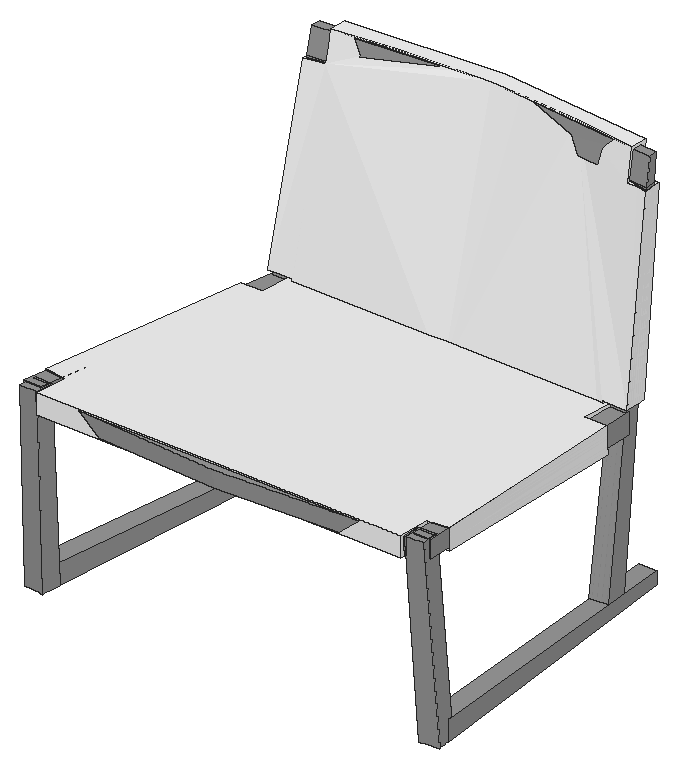
Revit family "Andreu World Serena Teak BU-1192", category Mobiliario, Revit 2014
Parameters (values of type "BU-1192")
  Width = 790 mm
  Upholstery = Indoor Sand Woven Band
  URL = "https://www.andreuworld.com/workspaces"
  Structure Finish = Andreu World Wood Finish
  Reference = "BU-1192"  # constant formula
  Modelo = "Serena Teak"  # constant formula
  Height = 725 mm
  Fabricante = "Andreu World"  # constant formula
  Descripción = "Lounge chair with webbing seat and backrest and solid teak wood frame"  # constant formula
  Depth = 685 mm
Reference planes
  plane 1 "Centro (Frontal/Posterior)": y = 0
  plane 2: z = 0
  plane 3 "Centro (Izquierda/Derecha)": x = 0
  plane 4: y = 342.5
  plane 5: x = 395
  plane 6: y = -342.5
  plane 7: x = -395
  plane 8: z = 725
Forms (mm)
  Blend 1, solid, material "Andreu World Wood Finish" <- "Structure Finish", detail levels medium+fine
    base sketch origin (0, 0, 0) x (1, 0, 0) y (0, 0, 1)
      loop
        line (-338.254, 23.7) -> (-338.254, 0) -> (-303.149, 0) -> (-303.149, 23.7) -> (-338.254, 23.7)
    top sketch origin (0, 0, 0) x (1, 0, 0) y (0, 0, 1)
      loop
        line (-395, 0) -> (-357.85, 0) -> (-357.85, 38.763) -> (-395, 38.763) -> (-395, 0)
    from -294.797 to 271.689
  Blend 2, solid, material "Andreu World Wood Finish" <- "Structure Finish", detail levels medium+fine
    base sketch origin (0, 0, 0) x (-1, 0, 0) y (0, 0, -1)
      loop
        line (-338.254, -23.7) -> (-303.149, -23.7) -> (-303.149, 0) -> (-338.254, 0) -> (-338.254, -23.7)
    top sketch origin (0, 0, 0) x (-1, 0, 0) y (0, 0, -1)
      loop
        line (-395, 0) -> (-395, -38.763) -> (-357.85, -38.763) -> (-357.85, 0) -> (-395, 0)
    from -294.797 to 271.689
  Blend 3, solid, material "Andreu World Wood Finish" <- "Structure Finish", detail levels medium+fine
    base sketch origin (0, 0, 0) x (1, 0, 0) y (0, 0, 1)
      loop
        line (-305.66, 286.665) -> (-305.66, 325.534) -> (-338.749, 325.534) -> (-338.749, 286.665) -> (-305.66, 286.665)
    top sketch origin (0, 0, 0) x (1, 0, 0) y (0, 0, 1)
      loop
        line (-389.004, 359.44) -> (-389.004, 327.549) -> (-355.453, 327.549) -> (-355.453, 359.44) -> (-389.004, 359.44)
    from -225.829 to 307.058
  Blend 4, solid, material "Andreu World Wood Finish" <- "Structure Finish", detail levels medium+fine
    base sketch origin (0, 0, 0) x (-1, 0, 0) y (0, 0, -1)
      loop
        line (-305.66, -286.665) -> (-338.749, -286.665) -> (-338.749, -325.534) -> (-305.66, -325.534) -> (-305.66, -286.665)
    top sketch origin (0, 0, 0) x (-1, 0, 0) y (0, 0, -1)
      loop
        line (-389.004, -359.44) -> (-355.453, -359.44) -> (-355.453, -327.549) -> (-389.004, -327.549) -> (-389.004, -359.44)
    from -225.829 to 307.058
  Blend 5, solid, material "Andreu World Wood Finish" <- "Structure Finish", detail levels medium+fine
    base sketch origin (0, 0, 0) x (1, 0, 0) y (0, 1, 0)
      loop
        line (-395, -295.442) -> (-358.014, -298.898) -> (-354.591, -262.259) -> (-391.577, -258.804) -> (-395, -295.442)
    top sketch origin (0, 0, 0) x (1, 0, 0) y (0, 1, 0)
      loop
        line (-384.977, -319.957) -> (-351.105, -323.097) -> (-347.971, -289.292) -> (-381.843, -286.152) -> (-384.977, -319.957)
    from 0 to 358.418
  Blend 6, solid, material "Andreu World Wood Finish" <- "Structure Finish", detail levels medium+fine
    base sketch origin (0, 0, 0) x (-1, 0, 0) y (0, -1, 0)
      loop
        line (-395, 295.442) -> (-391.577, 258.804) -> (-354.591, 262.259) -> (-358.014, 298.898) -> (-395, 295.442)
    top sketch origin (0, 0, 0) x (-1, 0, 0) y (0, -1, 0)
      loop
        line (-384.977, 319.957) -> (-381.843, 286.152) -> (-347.971, 289.292) -> (-351.105, 323.097) -> (-384.977, 319.957)
    from 0 to 358.418
  Blend 7, solid, material "Andreu World Wood Finish" <- "Structure Finish", detail levels medium+fine
    base sketch origin (0, 0, 0) x (1, 0, 0) y (0, 1, 0)
      loop
        line (-345.117, 205.634) -> (-349.298, 165.854) -> (-314.368, 162.183) -> (-310.524, 201.998) -> (-345.117, 205.634)
    top sketch origin (0, 0, 0) x (1, 0, 0) y (0, 1, 0)
      loop
        line (-321.801, 307.664) -> (-323.544, 287.741) -> (-291.019, 293.476) -> (-289.276, 313.4) -> (-321.801, 307.664)
    from 25.796 to 676.606
  Blend 8, solid, material "Andreu World Wood Finish" <- "Structure Finish", detail levels medium+fine
    base sketch origin (0, 0, 0) x (-1, 0, 0) y (0, -1, 0)
      loop
        line (-345.117, -205.634) -> (-310.524, -201.998) -> (-314.368, -162.183) -> (-349.298, -165.854) -> (-345.117, -205.634)
    top sketch origin (0, 0, 0) x (-1, 0, 0) y (0, -1, 0)
      loop
        line (-321.801, -307.664) -> (-289.276, -313.4) -> (-291.019, -293.476) -> (-323.544, -287.741) -> (-321.801, -307.664)
    from 25.796 to 676.606
  Blend 9, solid, material "Andreu World Wood Finish" <- "Structure Finish", detail levels medium+fine
    base sketch origin (0, 0, 0) x (1, 0, 0) y (0, 1, 0)
      loop
        line (-321.801, 307.664) -> (-323.544, 287.741)
        arc (-323.544, 287.741) -> (0, 317.266) -> (323.544, 287.741) r 1787.473
        line (323.544, 287.741) -> (321.801, 307.664)
        arc (321.801, 307.664) -> (0, 342.5) -> (-321.801, 307.664) r 1503.771
    top sketch origin (0, 0, 0) x (1, 0, 0) y (0, 1, 0)
      loop
        line (-320.331, 313.73) -> (-321.826, 296.643)
        arc (-321.826, 296.643) -> (0, 325.273) -> (321.826, 296.643) r 1823.133
        line (321.826, 296.643) -> (320.331, 313.73)
        arc (320.331, 313.73) -> (0, 342.5) -> (-320.331, 313.73) r 1797.712
    from 676.606 to 725
  Blend 10, solid, material "Andreu World Wood Finish" <- "Structure Finish", detail levels medium+fine
    base sketch origin (0, 0, 0) x (1, 0, 0) y (0, 1, 0)
      loop
        line (-312.703, 169.64) -> (311.456, 169.64) -> (311.456, 208.767) -> (-312.703, 208.767) -> (-312.703, 169.64)
    top sketch origin (0, 0, 0) x (1, 0, 0) y (0, 1, 0)
      loop
        line (-312.703, 213.711) -> (-312.703, 174.987) -> (312.091, 174.987) -> (312.091, 213.711) -> (-312.703, 213.711)
    from 291.568 to 319.193
  Blend 11, solid, material "Andreu World Wood Finish" <- "Structure Finish", detail levels medium+fine
    base sketch origin (0, 0, 0) x (1, 0, 0) y (0, 1, 0)
      loop
        line (-349.292, -286.845) -> (-351.73, -320.906)
        arc (-351.73, -320.906) -> (0, -340.337) -> (351.73, -320.906) r 3193.124
        line (351.73, -320.906) -> (349.292, -286.845) -> (-349.292, -286.845)
    top sketch origin (0, 0, 0) x (1, 0, 0) y (0, 1, 0)
      loop
        line (-349.292, -289.269) -> (-352.163, -322.979)
        arc (-352.163, -322.979) -> (0, -342.5) -> (352.163, -322.979) r 3186.332
        line (352.163, -322.979) -> (349.292, -289.269) -> (-349.292, -289.269)
    from 325.534 to 358.418
  Blend 12, solid, material "Indoor Sand Woven Band" <- "Upholstery", detail levels medium+fine
    base sketch origin (0, 0, 0) x (1, 0, 0) y (0, 1, 0)
      loop
        line (-345, 249.888) -> (-345, 207.304) -> (345, 207.304) -> (345, 249.888) -> (-345, 249.888)
    top sketch origin (0, 0, 0) x (1, 0, 0) y (0, 1, 0)
      loop
        line (-320.978, 326.122) -> (-323.885, 292.9)
        arc (-323.885, 292.9) -> (0, 321.13) -> (323.885, 292.9) r 1872.058
        line (323.885, 292.9) -> (321.042, 325.393)
        arc (321.042, 325.393) -> (0.065, 354.902) -> (-320.978, 326.122) r 1782.484
    from 284.456 to 728.349
  Extrusion 13, void
    sketch origin (0, 0, 0) x (1, 0, 0) y (0, 0, 1)
      loop
        line (-337.385, 737.982) -> (-337.385, 672.982) -> (-287.385, 672.982) -> (-287.385, 737.982) -> (-337.385, 737.982)
      loop
        line (337.385, 737.982) -> (287.385, 737.982) -> (287.385, 672.982) -> (337.385, 672.982) -> (337.385, 737.982)
      loop
        line (-297.065, 333.76) -> (-357.065, 333.76) -> (-357.065, 273.76) -> (-297.065, 273.76) -> (-297.065, 333.76)
      loop
        line (297.065, 333.76) -> (297.065, 273.76) -> (357.065, 273.76) -> (357.065, 333.76) -> (297.065, 333.76)
    from -357.51 to -174.987
  Blend 14, solid, material "Indoor Sand Woven Band" <- "Upholstery", detail levels medium+fine
    base sketch origin (0, 0, 0) x (1, 0, 0) y (0, 0, 1)
      loop
        line (-342.385, 330.428) -> (-344.98, 280.428) -> (344.98, 280.428) -> (342.385, 330.428) -> (-342.385, 330.428)
    top sketch origin (0, 0, 0) x (1, 0, 0) y (0, 0, 1)
      loop
        line (-393.636, 361.936) -> (-393.636, 324.44) -> (392.729, 324.44) -> (392.729, 361.936) -> (-393.636, 361.936)
    from -225.829 to 346.173
  Extrusion 15, void
    sketch origin (0, 0, 0) x (1, 0, 0) y (0, 1, 0)
      loop
        line (-395, -257.5) -> (-405.453, -356.952) -> (405.453, -356.952) -> (395, -257.5) -> (345.274, -262.726) -> (347.542, -327.687)
        arc (347.542, -327.687) -> (0, -345.778) -> (-347.542, -327.687) r 3347.373
        line (-347.542, -327.687) -> (-345.274, -262.726) -> (-395, -257.5)
      loop
        line (-363.575, 243.279) -> (-363.575, 161.398) -> (-306.179, 161.398) -> (-306.179, 243.279) -> (-363.575, 243.279)
      loop
        line (363.575, 229.375) -> (306.179, 229.375) -> (306.179, 161.398) -> (363.575, 161.398) -> (363.575, 229.375)
    from 271.815 to 372.072
Cuts and joins
  Extrusion 13 cuts Blend 12
  Extrusion 15 cuts Blend 14
Lines and regions (mm)
  model lines, detail levels coarse+medium
    curve 1: line (-384.977, -319.957, 0) -> (-395, -295.442, 0)
    curve 2: line (-395, -295.442, 0) -> (-338.254, 294.797, 0)
    curve 3: line (-338.254, 294.797, 0) -> (-330.849, 294.797, 0)
    curve 4: line (-320.331, 313.73, 0) -> (-343.2, 243.347, 0)
    curve 5: line (-321.826, 296.643, 0) -> (-350.825, 164.039, 0)
    curve 6: line (384.977, -319.957, 0) -> (395, -295.442, 0)
    curve 7: line (395, -295.442, 0) -> (338.254, 294.797, 0)
    curve 8: line (338.254, 294.797, 0) -> (330.849, 294.797, 0)
    curve 9: line (320.331, 313.73, 0) -> (343.2, 243.347, 0)
    curve 10: line (321.826, 296.643, 0) -> (350.825, 164.039, 0)
    curve 11: arc (-320.331, 313.73, 0) -> (0, 342.5, 0) -> (320.331, 313.73, 0) r 1797.712
    curve 12: arc (-321.826, 296.643, 0) -> (0, 321.13, 0) -> (321.826, 296.643, 0) r 2127.064
    curve 13: arc (-342.655, 216.811, 0) -> (0, 230.458, 0) -> (342.655, 216.811, 0) r 4308.593
    curve 14: line (-320.331, 313.73, 0) -> (-321.826, 296.643, 0)
    curve 15: line (321.826, 296.643, 0) -> (320.331, 313.73, 0)
    curve 16: arc (-384.977, -319.957, 0) -> (0, -342.5, 0) -> (384.977, -319.957, 0) r 3298.425
Dimensions and locks
  equal spacing: plane 7, plane 3 "Centro (Izquierda/Derecha)", plane 5
  "Width": plane 7 to plane 5
  equal spacing: plane 4, plane 1 "Centro (Frontal/Posterior)", plane 6
  "Depth": plane 4 to plane 6
  "Height": plane 8 to level
  aligned and locked: level to plane 2
Automatic sketch dimensions
  Blend 1 sketch curve to level = 0 mm  (x2)
  plane 7 to Blend 1 sketch curve = 56.746 mm
  Blend 1 sketch curve to Blend 1 sketch curve = 35.104 mm
  level to Blend 1 sketch curve = 23.7 mm
  Blend 1 sketch curve to plane 7 = 0 mm
  plane 7 to Blend 1 sketch curve = 37.15 mm
  level to Blend 1 sketch curve = 38.763 mm
  Blend 2 sketch curve to level = 0 mm  (x2)
  plane 5 to Blend 2 sketch curve = 56.746 mm
  Blend 2 sketch curve to Blend 2 sketch curve = 35.104 mm
  Blend 2 sketch curve to level = 23.7 mm
  Blend 2 sketch curve to plane 5 = 0 mm
  plane 5 to Blend 2 sketch curve = 37.15 mm
  Blend 2 sketch curve to Blend 2 sketch curve = 38.763 mm
  plane 7 to Blend 3 sketch curve = 56.251 mm
  Blend 3 sketch curve to Blend 3 sketch curve = 33.089 mm
  level to Blend 3 sketch curve = 286.665 mm
  Blend 3 sketch curve to Blend 3 sketch curve = 38.87 mm
  plane 7 to Blend 3 sketch curve = 5.996 mm
  Blend 3 sketch curve to Blend 3 sketch curve = 33.551 mm
  level to Blend 3 sketch curve = 327.549 mm
  Blend 3 sketch curve to Blend 3 sketch curve = 31.892 mm
  plane 5 to Blend 4 sketch curve = 56.251 mm
  Blend 4 sketch curve to Blend 4 sketch curve = 33.089 mm
  Blend 4 sketch curve to level = 286.665 mm
  Blend 4 sketch curve to Blend 4 sketch curve = 38.87 mm
  plane 5 to Blend 4 sketch curve = 5.996 mm
  Blend 4 sketch curve to Blend 4 sketch curve = 33.551 mm
  Blend 4 sketch curve to level = 327.549 mm
  Blend 4 sketch curve to Blend 4 sketch curve = 31.892 mm
  Blend 5 sketch curve to plane 7 = 0 mm
  plane 7 to Blend 5 sketch curve = 3.423 mm
  plane 7 to Blend 5 sketch curve = 36.986 mm
  plane 6 to Blend 5 sketch curve = 43.602 mm
  Blend 5 sketch curve to Blend 5 sketch curve = 3.456 mm
  plane 7 to Blend 5 sketch curve = 10.023 mm
  plane 7 to Blend 5 sketch curve = 13.157 mm
  plane 6 to Blend 5 sketch curve = 19.403 mm
  Blend 5 sketch curve to Blend 5 sketch curve = 33.872 mm
  Blend 5 sketch curve to Blend 5 sketch curve = 3.14 mm
  Blend 6 sketch curve to plane 5 = 0 mm
  plane 5 to Blend 6 sketch curve = 3.423 mm
  plane 5 to Blend 6 sketch curve = 36.986 mm
  Blend 6 sketch curve to plane 6 = 43.602 mm
  Blend 6 sketch curve to Blend 6 sketch curve = 3.456 mm
  plane 5 to Blend 6 sketch curve = 10.023 mm
  plane 5 to Blend 6 sketch curve = 13.157 mm
  Blend 6 sketch curve to plane 6 = 19.403 mm
  Blend 6 sketch curve to Blend 6 sketch curve = 33.872 mm
  Blend 6 sketch curve to Blend 6 sketch curve = 3.14 mm
  plane 7 to Blend 7 sketch curve = 45.702 mm
  Blend 7 sketch curve to Blend 7 sketch curve = 4.181 mm
  Blend 7 sketch curve to Blend 7 sketch curve = 34.93 mm
  Blend 7 sketch curve to Blend 7 sketch curve = 34.594 mm
  Blend 7 sketch curve to plane 1 "Centro (Frontal/Posterior)" = 162.183 mm
  Blend 7 sketch curve to Blend 7 sketch curve = 3.671 mm
  plane 7 to Blend 7 sketch curve = 71.456 mm
  Blend 7 sketch curve to plane 4 = 34.836 mm
  Blend 7 sketch curve to Blend 7 sketch curve = 1.743 mm  (x2)
  Blend 7 sketch curve to plane 4 = 49.024 mm
  Blend 7 sketch curve to Blend 7 sketch curve = 32.525 mm
  Blend 7 sketch curve to plane 4 = 29.1 mm
  Blend 7 sketch curve to Blend 7 sketch curve = 19.924 mm
  plane 5 to Blend 8 sketch curve = 45.702 mm
  Blend 8 sketch curve to Blend 8 sketch curve = 4.181 mm
  Blend 8 sketch curve to Blend 8 sketch curve = 34.93 mm
  Blend 8 sketch curve to Blend 8 sketch curve = 34.594 mm
  plane 1 "Centro (Frontal/Posterior)" to Blend 8 sketch curve = 162.183 mm
  Blend 8 sketch curve to Blend 8 sketch curve = 3.671 mm
  plane 5 to Blend 8 sketch curve = 71.456 mm
  plane 4 to Blend 8 sketch curve = 34.836 mm
  Blend 8 sketch curve to Blend 8 sketch curve = 1.743 mm  (x2)
  plane 4 to Blend 8 sketch curve = 49.024 mm
  Blend 8 sketch curve to Blend 8 sketch curve = 32.525 mm
  plane 4 to Blend 8 sketch curve = 29.1 mm
  Blend 8 sketch curve to Blend 8 sketch curve = 19.924 mm
  Blend 9 sketch curve to plane 3 "Centro (Izquierda/Derecha)" = 0 mm  (x4)
  plane 7 to Blend 9 sketch curve = 71.456 mm
  Blend 9 sketch curve to plane 6 = 1127.706 mm
  Blend 9 sketch curve to Blend 9 sketch curve = 308.935 mm
  Blend 9 sketch curve to plane 4 = 54.759 mm
  Blend 9 sketch curve to plane 4 = 34.836 mm  (x2)
  Blend 9 sketch curve to Blend 9 sketch curve = 1.743 mm  (x2)
  Blend 9 sketch curve to plane 4 = 28.77 mm  (x2)
  plane 7 to Blend 9 sketch curve = 74.669 mm
  Blend 9 sketch curve to plane 6 = 1112.712 mm
  Blend 9 sketch curve to Blend 9 sketch curve = 42.648 mm
  Blend 9 sketch curve to Blend 9 sketch curve = 1.495 mm  (x2)
  Blend 9 sketch curve to Blend 9 sketch curve = 17.087 mm
  plane 7 to Blend 10 sketch curve = 82.297 mm  (x2)
  Blend 10 sketch curve to plane 5 = 83.544 mm
  Blend 10 sketch curve to plane 1 "Centro (Frontal/Posterior)" = 169.64 mm
  Blend 10 sketch curve to Blend 10 sketch curve = 39.127 mm
  Blend 10 sketch curve to plane 5 = 82.909 mm
  Blend 10 sketch curve to plane 4 = 167.513 mm
  Blend 10 sketch curve to Blend 10 sketch curve = 38.724 mm
  Blend 11 sketch curve to plane 3 "Centro (Izquierda/Derecha)" = 0 mm  (x2)
  plane 7 to Blend 11 sketch curve = 45.708 mm  (x2)
  plane 6 to Blend 11 sketch curve = 21.594 mm  (x2)
  Blend 11 sketch curve to Blend 11 sketch curve = 2.438 mm
  Blend 11 sketch curve to plane 5 = 45.708 mm  (x2)
  Blend 11 sketch curve to Blend 11 sketch curve = 34.061 mm
  plane 4 to Blend 11 sketch curve = 2510.287 mm
  plane 6 to Blend 11 sketch curve = 19.521 mm  (x2)
  Blend 11 sketch curve to Blend 11 sketch curve = 2.871 mm
  Blend 11 sketch curve to Blend 11 sketch curve = 33.711 mm
  plane 4 to Blend 11 sketch curve = 2501.332 mm
  plane 7 to Blend 12 sketch curve = 50 mm
  Blend 12 sketch curve to plane 5 = 50 mm
  Blend 12 sketch curve to plane 4 = 135.196 mm
  Blend 12 sketch curve to Blend 12 sketch curve = 42.584 mm
  plane 7 to Blend 14 sketch curve = 50.02 mm
  Blend 14 sketch curve to Blend 14 sketch curve = 2.594 mm
  Blend 14 sketch curve to plane 5 = 52.615 mm
  Blend 14 sketch curve to plane 5 = 50.02 mm
  level to Blend 14 sketch curve = 280.428 mm
  Blend 14 sketch curve to Blend 14 sketch curve = 50 mm
  plane 7 to Blend 14 sketch curve = 1.364 mm
  Blend 14 sketch curve to plane 5 = 2.271 mm
  level to Blend 14 sketch curve = 324.44 mm
  Blend 14 sketch curve to Blend 14 sketch curve = 37.496 mm
  Extrusion 15 sketch curve to plane 7 = 0 mm
  Extrusion 15 sketch curve to plane 3 "Centro (Izquierda/Derecha)" = 0 mm
  Extrusion 15 sketch curve to plane 5 = 0 mm
  Extrusion 15 sketch curve to plane 7 = 10.453 mm
  plane 7 to Extrusion 15 sketch curve = 31.425 mm
  plane 6 to Extrusion 15 sketch curve = 14.813 mm  (x2)
  plane 7 to Extrusion 15 sketch curve = 47.458 mm
  plane 7 to Extrusion 15 sketch curve = 49.726 mm
  Extrusion 15 sketch curve to Extrusion 15 sketch curve = 57.396 mm
  Extrusion 15 sketch curve to plane 5 = 88.821 mm
  Extrusion 15 sketch curve to plane 5 = 49.726 mm
  Extrusion 15 sketch curve to plane 5 = 31.425 mm
  plane 5 to Extrusion 15 sketch curve = 10.453 mm
  Extrusion 15 sketch curve to plane 6 = 14.452 mm
  Extrusion 15 sketch curve to Extrusion 15 sketch curve = 64.96 mm  (x2)
  Extrusion 15 sketch curve to plane 1 "Centro (Frontal/Posterior)" = 161.398 mm  (x2)
  Extrusion 15 sketch curve to Extrusion 15 sketch curve = 81.881 mm
  Extrusion 15 sketch curve to Extrusion 15 sketch curve = 67.977 mm
  plane 4 to Extrusion 15 sketch curve = 2659.096 mm
  plane 7 to Extrusion 13 sketch curve = 37.935 mm
  plane 7 to Extrusion 13 sketch curve = 57.615 mm
  Extrusion 13 sketch curve to Extrusion 13 sketch curve = 60 mm  (x3)
  plane 8 to Extrusion 13 sketch curve = 12.982 mm  (x2)
  Extrusion 13 sketch curve to Extrusion 13 sketch curve = 50 mm  (x2)
  Extrusion 13 sketch curve to plane 8 = 52.018 mm  (x2)
  Extrusion 13 sketch curve to plane 5 = 107.615 mm
  Extrusion 13 sketch curve to plane 5 = 97.935 mm
  Extrusion 13 sketch curve to plane 5 = 37.935 mm
  level to Extrusion 13 sketch curve = 333.76 mm  (x2)
  Blend 12 sketch curve to plane 3 "Centro (Izquierda/Derecha)" = 0 mm
  Blend 12 sketch curve to plane 3 "Centro (Izquierda/Derecha)" = 1.959 mm
  Blend 12 sketch curve to plane 4 = 16.378 mm
  plane 7 to Blend 12 sketch curve = 74.022 mm
  Blend 12 sketch curve to Blend 12 sketch curve = 2.907 mm
  Blend 12 sketch curve to plane 4 = 17.107 mm
  plane 3 "Centro (Izquierda/Derecha)" to Blend 12 sketch curve = 321.042 mm
  Blend 12 sketch curve to Blend 12 sketch curve = 2.843 mm
  Blend 12 sketch curve to Blend 12 sketch curve = 123.346 mm
  Blend 12 sketch curve to Blend 12 sketch curve = 33.222 mm
  curve 1 to plane 7 = 0 mm
  curve 16 to plane 3 "Centro (Izquierda/Derecha)" = 0 mm
  curve 12 to plane 3 "Centro (Izquierda/Derecha)" = 0 mm
  curve 11 to plane 3 "Centro (Izquierda/Derecha)" = 0 mm
  curve 13 to plane 3 "Centro (Izquierda/Derecha)" = 0 mm
  curve 6 to plane 5 = 0 mm
  plane 7 to curve 2 = 56.746 mm
  curve 2 to curve 5 = 16.427 mm
  curve 4 to plane 4 = 28.77 mm
  curve 5 to curve 4 = 1.495 mm
  curve 15 to plane 4 = 28.77 mm
  curve 9 to curve 15 = 1.495 mm
  curve 10 to curve 8 = 16.427 mm
  curve 14 to curve 11 = 17.087 mm
  curve 7 to curve 10 = 1.847 mm
  curve 3 to curve 12 = 1.847 mm
  plane 6 to curve 7 = 47.058 mm
  plane 6 to curve 1 = 47.058 mm
  curve 11 to plane 6 = 1112.712 mm
  curve 12 to curve 11 = 350.722 mm
  curve 13 to curve 12 = 2272.201 mm
  plane 4 to curve 16 = 2613.425 mm
  plane 7 to curve 1 = 10.023 mm
  plane 7 to curve 5 = 44.175 mm
  curve 4 to curve 2 = 4.946 mm
  curve 4 to curve 13 = 0.545 mm
  curve 2 to curve 3 = 7.405 mm
  curve 8 to curve 7 = 7.405 mm
  curve 13 to plane 5 = 52.345 mm
  curve 13 to curve 9 = 0.545 mm
  curve 10 to plane 5 = 44.175 mm
  curve 6 to plane 5 = 10.023 mm
  curve 13 to curve 9 = 26.536 mm
  plane 6 to curve 6 = 22.543 mm
